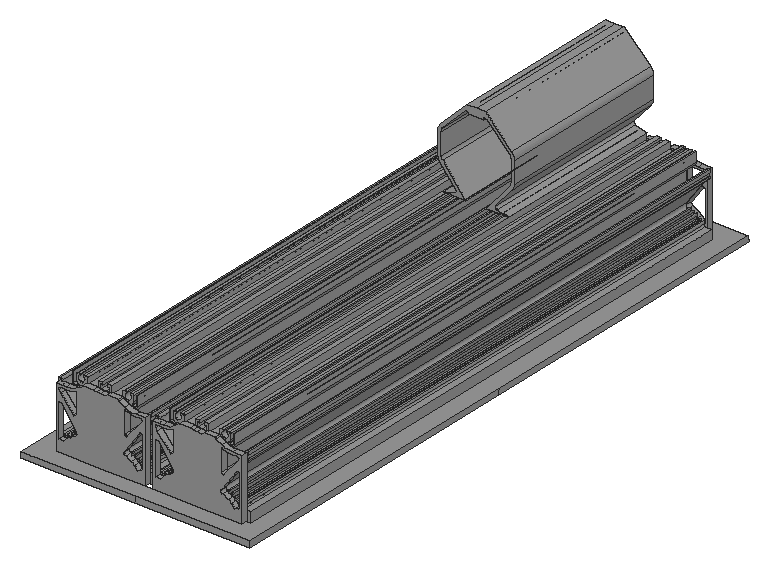
Revit family "L-street 48 Standart", category Осветительные приборы, Revit 2017 (continued)
Types (5, lengths in mm): name | built-in parameter 1150134 | Файл фотометрической сетки | built-in parameter 1150105 | Lumens | built-in parameter 1150106 | built-in parameter 1150142 | Wattage | built-in parameter 1150107 | Артикул
    8 420.2 423.6 427.4 431.9 437.2 443.6 450.4 458.6 467.8 478.1 488.9 500.4 512.6 525.2 538.3 550.5 561.4 569.2 573.5 573 566 550.8 523.8 483.7 426.3 358.3 287.2 226 175.3 132.2 89.9 55.3 36.1 25 16.8 13 11.4 10.1 9.1 8.4 7.8 7.2 6.8 6.3 5.8 5.4 5.1 4.8 4.6 4.1 3.2 2.8\r\n328.9 328.5 328.2 328.2 328.2 328.4 328.9 329.6 330.4 331.5 332.7 334 335.5 337.3 339.3 341.7 344.1 346.7 349.2 351.6 354.2 356.7 359.3 361.9 365 368.1 371.3 374.6 378.2 381.9 385.9 390.5 395.4 400.3 405.8 411.6 417.7 423.6 429 433.5 438.2 443.3 449.2 455.8 462.9 470.3 479 488.5 499.4 511.7 526 542.3 559.9 579.1 598.2 616.8 632.3 645.2 654.6 659.9 659.2 648.4 620.7 563.4 477.2 374.4 283.9 211.1 150.4 93 54.4 36.9 25.8 17.6 14 12.2 10.9 9.9 9.1 8.5 7.8 7.4 6.7 6.3 5.9 5.5 5.2 4.9 4.4 3.3 2.9\r\n328.9 328.5 328.3 328.3 328.5 328.8 329.3 330.1 331 332.2 333.4 334.8 336.4 338.2 340.3 342.5 344.9 347.4 350 352.6 355.1 357.6 360.2 362.9 365.9 368.9 372 375.3 378.8 382.5 386.5 391.1 396.3 401.6 407.5 413.8 420.8 427.5 433.8 439.1 444.6 450.3 457.4 465.6 474.8 485 496.5 508.6 522.2 536.9 552.8 569.8 587.4 606.2 625.2 644.8 662.4 678.1 690.6 700.2 705.2 700.9 677.7 619.9 527.1 411.5 307.8 226 157.1 93 55.9 38.9 27.5 18.9 14.9 13 11.6 10.5 9.8 9.1 8.4 7.9 7.2 6.7 6.2 5.8 5.5 5.2 4.6 3.4 2.9\r\n328.9 328.6 328.5 328.4 328.7 329.1 329.7 330.6 331.6 332.8 334.1 335.5 337.2 339.1 341.2 343.3 345.8 348.2 350.9 353.6 356.1 358.5 361.2 363.9 366.8 369.7 372.7 376 379.5 383.1 387.2 391.8 397.2 402.9 409.2 416.1 423.9 431.3 438.5 444.8 450.9 457.3 465.6 475.3 486.8 499.7 513.9 528.8 545.1 562 579.7 597.3 614.9 633.3 652.3 672.8 692.6 710.9 726.5 740.5 751.1 753.4 734.6 676.4 577.1 448.5 331.7 241 163.8 93.1 57.5 40.9 29.1 20.2 15.9 13.8 12.3 11.2 10.4 9.7 9 8.4 7.7 7.1 6.6 6.2 5.8 5.5 4.9 3.5 2.8\r\n328.9 328.6 328.5 328.6 328.9 329.3 330.1 331 332 333.3 334.7 336 337.9 339.8 342 344.3 347 349.4 352.1 355 357.6 360.1 362.8 365.6 368.5 371.5 374.5 377.7 381.2 384.8 388.9 393.5 398.8 404.6 411.1 418.5 426.6 434.3 441.8 448.1 454.5 461.5 470.8 481.7 494.7 509.3 525.6 543.2 562.8 583.2 605 627.4 649.8 673.3 697 721.2 744.1 764.1 778.2 783.6 777 755.4 714.5 642.8 541.4 421.1 315.5 229 151.8 86.9 55.2 38.9 27.8 20.1 16.2 14.2 12.6 11.6 10.7 10 9.3 8.6 8 7.4 6.8 6.4 6 5.7 5 3.6 2.9\r\n328.9 328.6 328.6 328.8 329.1 329.6 330.4 331.4 332.5 333.7 335.2 336.6 338.6 340.6 342.9 345.3 348.1 350.6 353.4 356.3 359 361.7 364.5 367.2 370.2 373.2 376.3 379.4 382.9 386.4 390.5 395.1 400.3 406.2 413.1 420.9 429.3 437.3 445 451.5 458 465.8 476 488.1 502.7 518.9 537.3 557.6 580.5 604.3 630.3 657.5 684.7 713.2 741.6 769.7 795.6 817.4 829.9 826.8 802.8 757.4 694.3 609.1 505.7 393.7 299.3 217 139.7 80.8 52.9 36.9 26.6 20 16.5 14.6 13 11.9 11.1 10.3 9.6 8.9 8.3 7.7 7.1 6.6 6.3 5.9 5.1 3.6 3\r\n328.9 328.7 328.8 328.9 329.3 330 330.8 331.9 333.1 334.4 336 337.6 339.6 341.7 344.2 346.7 349.5 352.1 355 357.9 360.7 363.5 366.4 369.2 372.3 375.3 378.4 381.5 385.1 388.8 393.1 397.8 403.2 409.1 416.2 424.2 432.7 440.8 448.6 454.7 460.9 468.4 478.4 490.1 504.2 519.7 537.4 557 579 602.2 627.4 653.9 680.8 709.8 739.9 771.3 801.5 829.4 850.7 859.9 847.5 808.1 741 643.7 528.7 412.9 318.2 234.4 150.2 84 54.9 37.9 27.2 20.8 17.3 15.2 13.5 12.4 11.5 10.7 10 9.3 8.6 7.9 7.3 6.9 6.5 6.1 5.3 3.8 3\r\n328.9 328.8 328.9 329 329.6 330.3 331.2 332.3 333.7 335.2 336.8 338.6 340.6 342.8 345.5 348.2 350.9 353.7 356.6 359.6 362.4 365.3 368.2 371.2 374.4 377.4 380.5 383.6 387.3 391.2 395.6 400.5 406 411.9 419.2 427.5 436 444.3 452.2 457.9 463.7 471 480.7 492.2 505.6 520.6 537.4 556.3 577.6 600 624.5 650.4 677 706.4 738.3 772.8 807.5 841.5 871.5 893.1 892.3 858.7 787.6 678.2 551.8 432 337.2 251.9 160.7 87.2 56.8 39 27.9 21.5 18 15.7 14.1 12.8 12 11.2 10.3 9.6 8.9 8.2 7.6 7.1 6.7 6.3 5.5 4 3.1\r\n328.9 329 329.5 330 330.7 331.9 333.2 334.6 336.2 338 339.8 341.8 344 346.5 349.2 352.1 354.9 357.8 360.7 363.6 366.4 369.2 372 374.9 377.8 380.7 383.9 387.3 391.1 395.4 400.3 405.6 411.7 418.6 427.2 436.3 444.8 452.4 459 464.7 471.7 481.1 492.7 506.6 522.4 540.2 559.7 581.7 605.8 631.5 658.1 685.9 714.5 745.8 778.3 812.3 846.4 879.2 904.3 916.2 905.6 859.1 774.4 661.5 532.7 402.1 293.1 196.3 120.8 68.8 45.8 31.7 22.8 18 15.4 13.6 12.3 11.3 10.5 9.8 9.1 8.5 7.9 7.3 6.9 6.5 6.1 5.5 4.3 3.3 2.9\r\n328.9 329.3 330.2 330.9 331.9 333.4 335.1 336.8 338.7 340.8 342.8 345 347.5 350.1 353 356 358.9 361.9 364.8 367.6 370.4 373.1 375.9 378.6 381.2 384 387.3 390.9 395 399.6 404.9 410.7 417.4 425.2 435.2 445.1 453.5 460.4 465.8 471.5 479.7 491.2 504.8 521 539.3 559.8 582 607.2 633.9 663 691.7 721.3 752.1 785.2 818.3 851.9 885.2 917 937 939.3 919 859.4 761.2 644.9 513.6 372.2 249 140.6 80.9 50.5 34.7 24.4 17.8 14.5 12.7 11.4 10.5 9.8 9.1 8.5 8 7.4 7 6.5 6.2 5.9 5.5 4.8 3.2 2.7 2.7\r\n328.9 329.4 330.2 331 332 333.4 335 336.7 338.6 340.6 342.6 344.7 347.1 349.6 352.4 355.2 358.1 360.9 363.6 366.2 368.8 371.4 374 376.6 379.2 382 385.3 388.8 392.6 397 402.2 407.8 414.4 421.9 431.2 440.5 448.4 454.9 460.4 466.2 474 484.8 497.7 513 530.2 549.4 569.9 593 617.3 643.5 669.5 695.9 722.8 751.4 780 808.5 835.6 860.9 877.7 881 869.3 832.1 763.8 664.3 532.5 377.6 247 136.9 77.5 48.8 34.8 24 17.1 14.1 12.4 11.1 10.2 9.6 8.9 8.3 7.8 7.2 6.8 6.3 6 5.7 5.4 4.7 3.1 2.7 2.7\r\n328.9 329.4 330.1 331 332.1 333.4 334.9 336.6 338.5 340.4 342.3 344.5 346.7 349.1 351.8 354.5 357.3 359.9 362.4 364.8 367.2 369.6 372.2 374.6 377.3 380.1 383.3 386.6 390.2 394.4 399.4 405 411.4 418.6 427.2 435.9 443.2 449.5 455 460.8 468.3 478.4 490.6 505 521.2 539.1 557.7 578.9 600.7 624.1 647.2 670.6 693.5 717.6 741.7 765.1 785.9 804.8 818.4 822.6 819.6 804.9 766.4 683.8 551.4 383.1 244.9 133.2 74 47.1 34.9 23.6 16.4 13.6 12.1 10.9 10 9.4 8.7 8.1 7.6 7 6.6 6.2 5.8 5.4 5.3 4.5 3 2.6 2.7\r\n328.9 329.4 330.2 331 332 333.3 334.7 336.2 338 339.7 341.5 343.5 345.5 347.8 350.3 353 355.7 358.2 360.7 363 365.4 367.8 370.3 372.8 375.5 378.3 381.5 384.8 388.6 392.8 397.6 403 409.3 416.1 424.2 432.5 439.5 445.4 450.6 455.9 462.5 471.1 481.3 493.2 506.3 520.8 536.2 553.5 571.6 591.3 611.2 631.8 652.8 675.7 698.9 722.2 742.8 761.3 775.1 781.3 780.2 768.4 735.8 659.6 539 387.4 258.5 153.6 86.2 51.2 36.2 25 17.1 13.6 12 10.8 9.8 9.2 8.5 8 7.4 6.9 6.5 6 5.7 5.4 5.1 4.5 3.1 2.7 2.7\r\n328.9 329.4 330.2 330.9 332 333.2 334.5 335.8 337.4 339.1 340.8 342.5 344.4 346.5 348.9 351.5 354.1 356.6 358.9 361.3 363.6 365.9 368.4 371 373.6 376.5 379.6 383.1 387 391.1 395.7 401 407.1 413.6 421.1 429 435.8 441.3 446.2 451 456.7 463.9 472 481.4 491.5 502.6 514.6 528.2 542.5 558.5 575.2 593 612 633.7 656.1 679.2 699.7 717.9 731.8 740 740.8 732 705.1 635.4 526.7 391.7 272.1 174 98.4 55.3 37.6 26.3 17.8 13.6 11.9 10.7 9.7 9 8.3 7.8 7.3 6.8 6.3 5.9 5.6 5.3 4.9 4.5 3.3 2.7 2.7\r\n328.9 329.5 330.3 331 332 333.1 334.2 335.5 337 338.5 340.1 341.6 343.4 345.3 347.5 350 352.5 354.9 357.3 359.6 361.8 364 366.3 368.6 371.2 373.8 376.8 380.1 383.8 387.6 392 396.7 402.2 408 414.6 421.4 427.4 432.1 436.2 439.9 444.1 449.8 456.5 464.2 472.4 481.7 492.1 504.3 517.4 532 547.1 562.9 578.6 594.9 610.3 625.2 636.8 644.4 646.8 642.2 628.3 601.4 558.5 487.4 398.1 300.5 218.4 153.5 97.9 57.3 37.8 25.4 16.7 12.7 11.3 10.1 9.1 8.4 7.8 7.3 6.8 6.4 5.9 5.5 5.2 4.9 4.6 4.3 3.2 2.7 2.7\r\n328.9 329.6 330.4 331 332 333 334 335.2 336.5 338 339.5 340.8 342.3 344.1 346.2 348.5 350.9 353.2 355.7 357.9 360.1 362.1 364.1 366.3 368.7 371.1 374 377.1 380.5 384.1 388.2 392.4 397.3 402.4 408 413.7 419 423 426.2 428.7 431.6 435.7 440.9 447 453.3 460.7 469.6 480.4 492.2 505.5 519.1 532.8 545.2 556 564.6 571.2 573.9 570.8 561.8 544.4 515.9 470.9 411.9 339.3 269.5 209.3 164.6 132.9 97.4 59.2 38 24.5 15.6 11.9 10.6 9.5 8.6 7.9 7.3 6.7 6.4 5.9 5.5 5.1 4.9 4.6 4.3 4 3 2.6 2.6\r\n328.9 329.6 330.3 330.9 331.7 332.6 333.5 334.6 335.8 337.1 338.4 339.6 341 342.5 344.5 346.6 348.8 351.1 353.5 355.6 357.6 359.4 361.2 363.2 365.5 367.9 370.6 373.6 377 380.4 384 387.7 391.8 395.9 400.4 404.8 409 412.2 414.8 416.7 419.1 422.5 426.9 432.4 438.2 444.8 451.8 459.6 467.6 476.2 484.4 492.1 497.8 501.1 501.5 498.2 489.1 471.8 446.9 414.5 377.6 335.3 291 243.7 199.4 161.3 132.5 111.4 88.8 60 38.2 24.5 15.5 11.5 10.1 9.1 8.1 7.4 6.8 6.3 5.9 5.6 5.2 4.8 4.5 4.3 4.1 3.8 3 2.6 2.6\r\n328.9 329.6 330.2 330.8 331.5 332.2 333 334 335.1 336.2 337.4 338.4 339.6 341 342.7 344.6 346.8 349 351.2 353.2 355.2 356.8 358.4 360.1 362.3 364.7 367.2 370.2 373.4 376.6 379.9 382.9 386.3 389.4 392.8 395.9 399 401.5 403.4 404.8 406.6 409.3 413 417.7 423.2 428.9 434.1 438.8 443 446.9 449.6 451.3 450.4 446.3 438.5 425.2 404.4 372.8 332.1 284.5 239.3 199.8 170 148 129.3 113.3 100.4 90 80.2 60.7 38.4 24.6 15.5 11.1 9.6 8.7 7.7 6.9 6.3 5.9 5.5 5.2 4.9 4.5 4.2 4 3.8 3.6 2.9 2.7 2.6\r\n328.9 329.6 330.1 330.7 331.3 331.9 332.7 333.7 334.6 335.6 336.6 337.5 338.6 339.9 341.4 343.2 345.2 347.2 349.1 350.9 352.7 354.2 355.8 357.6 359.7 362.1 364.5 367.1 369.7 372.2 374.7 377.2 379.9 382.5 385.1 387.6 390 392.2 394 395.5 397.2 398.9 400.9 403.2 405.8 408.1 409.5 410 409.2 407 401.9 393.5 379.6 360.7 338.2 313.8 287.4 259.5 230.5 200.1 171.3 146.3 126.5 111.3 98.3 88 80.3 73.6 62.6 45.5 29.8 19.7 12.9 9.9 8.7 7.8 6.9 6.3 5.7 5.3 5 4.7 4.4 4.1 3.8 3.6 3.4 3.1 2.7 2.6 2.5\r\n328.9 329.6 330 330.5 331 331.7 332.4 333.3 334.1 335 335.7 336.6 337.5 338.9 340.2 341.7 343.6 345.5 347 348.7 350.2 351.6 353.2 355.1 357.2 359.5 361.8 364 366 367.9 369.5 371.4 373.5 375.5 377.4 379.4 381.1 382.8 384.6 386.2 387.8 388.6 388.8 388.6 388.5 387.4 384.9 381.1 375.4 367.2 354.2 335.6 308.8 275.2 237.8 202.4 170.4 146.1 128.9 115.6 103.3 92.8 83 74.7 67.3 62.7 60.1 57.1 45.1 30.4 21.1 14.9 10.4 8.8 7.8 6.9 6.2 5.6 5.1 4.8 4.5 4.1 3.9 3.7 3.5 3.3 3.1 2.7 2.5 2.5 2.5\r\n328.9 329.5 329.8 330.3 330.6 331.2 331.7 332.4 333 333.7 334.2 334.8 335.4 336.4 337.3 338.6 340.1 341.7 343.1 344.6 346.1 347.4 348.8 350.3 352 353.8 355.5 357.1 358.6 360 361.2 362.3 363.6 365 366.4 368.1 369.5 370.4 370.9 370.8 370.5 369.4 367.5 364.9 361.4 356.8 349.7 339.5 325 306.7 283.4 257 228.1 199.7 172.9 149.4 128.6 112.2 99.6 89.2 79.7 71.9 64.6 58.5 52.9 49.3 46.4 42.2 33.6 24.5 18.4 13.7 10.1 8.5 7.6 6.7 6 5.3 4.8 4.5 4.3 3.9 3.7 3.5 3.3 3.1 3 2.6 2.4 2.4 2.4\r\n328.9 329.4 329.7 330 330.2 330.6 331 331.5 332 332.4 332.7 332.9 333.3 333.9 334.5 335.5 336.6 337.9 339.3 340.6 341.9 343.2 344.4 345.6 346.8 348.1 349.2 350.3 351.3 352.1 352.9 353.2 353.7 354.4 355.4 356.8 357.8 358 357.2 355.5 353.3 350.3 346.3 341.1 334.4 326.1 314.5 297.9 274.7 246.3 212.5 178.4 147.3 124.1 108 96.4 86.8 78.2 70.2 62.8 56.2 50.9 46.3 42.4 38.6 35.9 32.7 27.2 22.1 18.6 15.6 12.5 9.8 8.3 7.4 6.5 5.8 5.1 4.6 4.2 4.1 3.8 3.5 3.4 3.2 3 2.9 2.5 2.3 2.4 2.4\r\n328.9 329.4 329.6 329.8 330 330.2 330.4 330.7 330.9 331.1 331.2 331.3 331.4 331.6 332 332.8 333.6 334.8 335.8 337 338 339 339.9 340.7 341.5 342.3 343 343.7 344.2 344.5 344.8 344.9 345.1 345.2 345.2 345.4 345.1 344 342.1 339.1 334.9 329.9 323.6 315.4 304.1 289.5 270.1 246.3 218.3 189.8 161.8 137.2 116 100.1 88.3 79.2 71.4 64.3 57.9 52.2 47.2 43.1 39.5 36.3 33 30.2 27.2 23.3 19.6 16.9 14.4 11.8 9.5 8.3 7.4 6.6 5.8 5.1 4.5 4.1 3.9 3.6 3.4 3.3 3.1 2.9 2.8 2.5 2.3 2.3 2.4\r\n328.9 329.4 329.6 329.7 329.7 329.7 329.8 329.9 329.9 329.9 329.8 329.7 329.4 329.3 329.6 330 330.6 331.6 332.4 333.3 334.1 334.8 335.4 335.7 336.1 336.4 336.8 337 337.1 336.9 336.8 336.5 336.5 336.1 335 333.9 332.3 330.1 327 322.6 316.6 309.6 301 289.7 273.8 252.8 225.7 194.7 161.9 133.3 111 96 84.7 76.1 68.6 62 56 50.4 45.5 41.6 38.2 35.3 32.8 30.2 27.3 24.4 21.7 19.4 17.2 15.2 13.1 11 9.3 8.2 7.4 6.7 5.8 5.1 4.4 3.9 3.8 3.5 3.4 3.2 3 2.9 2.8 2.5 2.2 2.3 2.4\r\n328.9 329.3 329.4 329.4 329.3 329.2 329 328.9 328.7 328.5 328.2 327.9 327.5 327.2 327.2 327.5 327.9 328.5 329.1 329.6 330 330.3 330.4 330.6 330.7 330.8 330.8 330.7 330.4 330 329.4 328.5 327.5 326 324.1 321.7 318.8 314.9 310.1 304 296 286 272.6 255.5 233.2 207 178.6 151.5 126.8 106.9 91.5 80.4 71.6 64.3 58 52.5 47.6 43.4 39.8 36.8 34.2 31.8 29.5 27.1 24.8 22.5 20.3 18.4 16.5 14.8 13.1 11.5 9.9 8.6 7.6 6.8 6 5.3 4.5 4 3.7 3.5 3.3 3.1 2.9 2.8 2.7 2.5 2.2 2.2 2.3\r\n328.9 329.3 329.2 329.1 328.8 328.6 328.2 328 327.6 327.1 326.6 326.1 325.5 325.2 324.9 325 325.1 325.4 325.7 325.8 325.9 325.7 325.4 325.4 325.3 325.2 324.8 324.4 323.8 323 322.1 320.5 318.5 316 313.1 309.5 305.4 299.8 293.2 285.4 275.5 262.4 244.2 221.4 192.6 161.2 131.4 108.3 91.8 80.6 72 64.9 58.4 52.6 47.4 43 39.3 36.3 34 32.1 30.3 28.3 26.1 24.1 22.3 20.7 18.9 17.3 15.8 14.4 13.1 11.9 10.5 8.9 7.8 7 6.2 5.5 4.7 4 3.6 3.4 3.2 3.1 2.9 2.7 2.6 2.4 2.3 2.1 2.2\r\n328.9 329.2 329.1 328.9 328.5 328.1 327.6 327.1 326.5 325.8 325 324.2 323.5 322.9 322.5 322.3 322.2 322.1 322 321.7 321.1 320.5 319.8 319.4 319 318.6 318.3 318 317.4 316.3 314.8 312.5 309.6 306 301.6 296.4 290.5 283 273.9 262.7 247.9 229.2 205.3 179.3 152 127.2 106.1 90 78 69.4 62.5 56.6 51.2 46.4 42.2 38.8 35.9 33.6 31.7 29.9 28.2 26.4 24.5 22.9 21.5 20.1 18.6 17.3 16.1 14.8 13.7 12.7 11.6 10.2 8.7 7.5 6.6 5.9 5 4.3 3.7 3.4 3.2 3 2.9 2.7 2.6 2.4 2.2 2.1 2.2\r\n328.9 329.2 329 328.7 328.2 327.6 326.9 326.2 325.4 324.4 323.3 322.2 321.4 320.7 320.1 319.6 319.2 318.9 318.4 317.5 316.4 315.2 314.1 313.3 312.6 312.1 311.8 311.6 311 309.7 307.4 304.5 300.7 295.9 290.2 283.3 275.6 266.1 254.6 240 220.4 195.9 166.4 137.2 111.4 93.3 80.7 71.7 64.3 58.2 53 48.3 43.9 40.2 37.1 34.6 32.6 31 29.4 27.8 26.1 24.4 22.9 21.8 20.7 19.5 18.4 17.3 16.4 15.3 14.4 13.5 12.7 11.5 9.6 8 7 6.2 5.3 4.5 3.8 3.4 3.1 2.9 2.9 2.7 2.6 2.4 2.2 2.1 2.1\r\n328.9 329.1 328.9 328.5 327.9 327.2 326.4 325.6 324.6 323.3 322 320.8 319.8 318.9 318.2 317.5 316.8 316.1 315.1 313.9 312.4 310.9 309.5 308.4 307.3 306.4 305.9 305.3 304.4 302.7 300.3 297.2 293.3 288 281.6 274 265.3 254.3 240.7 223.1 200.5 173.9 145 119.4 98.6 84.1 73.5 65.7 59.1 54 49.5 45.3 41.5 38.2 35.5 33.3 31.4 29.8 28.2 26.6 25.1 23.6 22.2 21.1 20.2 19.3 18.5 17.7 16.9 16 15.1 14.3 13.5 12.5 11.1 9.6 7.9 6.6 5.7 4.9 4.1 3.5 3.2 2.9 2.8 2.7 2.6 2.4 2.2 2.1 2.1\r\n328.9 329.1 328.8 328.3 327.6 326.8 325.8 324.9 323.7 322.1 320.6 319.3 318.2 317 316.2 315.3 314.4 313.3 311.9 310.3 308.3 306.6 305 303.4 302 300.8 300 299.1 297.7 295.7 293.1 289.8 285.8 280.1 273 264.6 254.9 242.5 226.9 206.2 180.6 151.8 123.5 101.5 85.7 74.9 66.3 59.6 54 49.7 45.9 42.3 39 36.3 34 31.9 30.2 28.6 27 25.5 24.1 22.7 21.5 20.5 19.7 19.1 18.6 18 17.3 16.6 15.8 15 14.3 13.4 12.5 11.1 8.7 7.1 6.1 5.3 4.4 3.5 3.2 2.9 2.8 2.7 2.6 2.4 2.2 2.1 2\r\n328.9 329 328.7 328.1 327.3 326.4 325.3 324.1 322.7 320.9 319.1 317.6 316.3 315.1 313.9 312.8 311.5 309.9 307.9 305.7 303.5 301.4 299.5 297.5 295.7 294.2 292.6 290.6 288.1 285 281.6 277.4 272.1 265.3 257.3 247.5 235.5 219.7 200.5 176.6 150.6 125.6 104.1 88.2 76.4 67.6 60.4 54.7 50.1 46.5 43.3 40.4 37.5 35.2 33 31.1 29.4 28 26.4 25 23.6 22.4 21.1 20.3 19.8 19.2 18.7 18 17.3 16.6 15.9 15.5 15 14.4 13.9 12.8 11 9.1 7.1 5.8 4.8 3.9 3.3 3 2.8 2.7 2.6 2.4 2.2 2 2\r\n328.9 328.9 328.5 327.8 327 326 324.7 323.4 321.7 319.7 317.6 315.9 314.5 313.1 311.6 310.2 308.6 306.4 303.9 301.2 298.6 296.2 294 291.5 289.5 287.6 285.2 282.1 278.4 274.4 270.2 265 258.4 250.5 241.6 230.5 216 196.9 174.1 147 120.5 99.5 84.7 74.9 67 60.3 54.4 49.8 46.1 43.3 40.8 38.5 36.1 34 32 30.2 28.6 27.3 25.9 24.5 23.1 22 20.8 20.1 19.8 19.3 18.8 18 17.2 16.6 16.1 15.9 15.7 15.4 15.2 14.6 13.2 11.1 8.1 6.3 5.2 4.2 3.4 3 2.8 2.7 2.6 2.4 2.2 1.9 2\r\n328.9 328.9 328.5 327.7 326.8 325.6 324.3 322.8 320.9 318.7 316.5 314.6 312.9 311.3 309.7 307.9 305.7 303.1 300.1 297.1 294.1 291.4 288.9 286.5 284.2 281.7 278.6 274.9 270.7 266.1 260.9 254.6 247 238.2 228 214.8 198.1 176.2 151.4 125.6 103.6 87.8 76.3 68 61 55.2 50.3 46.6 43.7 41.5 39.4 37.3 35.1 33.1 31.3 29.7 28.2 27.1 25.8 24.6 23.2 22.1 21 20.3 19.9 19.4 19 18.3 17.7 17.1 16.5 16.2 16.1 15.8 15.4 14.6 13.5 11.9 9.7 7.9 5.9 4.6 3.8 3.2 2.8 2.7 2.5 2.4 2.2 2 2\r\n328.9 328.9 328.4 327.6 326.6 325.3 323.9 322.1 320.2 317.7 315.5 313.3 311.3 309.6 307.8 305.5 302.9 299.7 296.3 292.9 289.7 286.5 283.8 281.4 278.9 275.8 272.1 267.7 263 257.7 251.6 244.2 235.6 225.9 214.3 199.1 180.2 155.6 128.7 104.2 86.8 76 67.9 61.1 55 50 46.2 43.4 41.2 39.6 38 36.2 34.2 32.2 30.6 29.2 27.9 2
    6.8 25.7 24.6 23.4 22.3 21.2 20.5 20 19.6 19.2 18.7 18.2 17.5 16.9 16.6 16.6 16.2 15.6 14.7 13.8 12.6 11.3 9.5 6.7 5 4.1 3.3 2.9 2.6 2.5 2.3 2.1 2 2\r\n328.9 328.9 328.4 327.5 326.4 325.1 323.6 321.7 319.6 317.1 314.7 312.3 310.2 308.2 306.1 303.5 300.4 296.8 293 289.3 285.8 282.4 279.6 276.9 274.1 270.5 266.3 261.4 256.2 250.1 243.2 235.1 226 215.2 202.2 185.4 164.9 140.2 115.8 95.1 80.7 71.6 64.3 57.9 52.3 47.8 44.6 42.2 40.4 39 37.5 35.7 33.8 31.9 30.4 29.1 27.9 26.8 25.6 24.5 23.5 22.5 21.6 20.9 20.4 20 19.7 19.3 18.7 17.9 17.1 16.4 16.1 15.7 15.1 14.4 13.4 12 10.7 9.2 7.3 5.8 4.5 3.6 3 2.7 2.4 2.3 2.1 2 2\r\n328.9 328.9 328.4 327.4 326.2 324.9 323.3 321.3 319 316.4 313.9 311.3 309 306.8 304.4 301.5 297.9 293.8 289.8 285.7 281.9 278.3 275.3 272.4 269.3 265.2 260.5 255.1 249.3 242.6 234.8 226.1 216.3 204.5 190.1 171.6 149.6 124.8 102.9 85.9 74.6 67.1 60.6 54.8 49.6 45.7 42.9 41 39.6 38.4 37 35.3 33.4 31.7 30.2 29 27.9 26.8 25.5 24.4 23.6 22.6 21.9 21.3 20.7 20.4 20.3 20 19.3 18.3 17.3 16.3 15.6 15.2 14.6 14 13 11.4 10.1 9 8 6.6 5 3.8 3.1 2.7 2.4 2.3 2.1 1.9 1.9\r\n328.9 328.9 328.2 327.1 325.9 324.5 322.8 320.6 318.3 315.7 313.1 310.5 308 305.6 302.9 299.6 295.7 291.3 287 282.6 278.7 275.2 272.2 269.1 265.7 261.3 256.3 250.5 244.3 237 228.7 219.3 208.6 195.5 179.4 159.1 136 112.5 93.6 79.8 70.4 63.7 57.4 51.9 47.3 44.1 41.9 40.3 39 37.9 36.5 34.9 33.1 31.6 30.2 28.9 27.6 26.4 25.3 24.4 23.6 23 22.6 22.3 22.1 21.9 21.5 20.7 19.8 18.7 17.6 16.5 15.6 14.8 13.9 13.2 12.1 10.9 9.8 8.8 7.7 6.5 5.2 4 3.1 2.7 2.4 2.3 2.1 1.9 1.9\r\n328.9 328.8 328 326.8 325.5 324.1 322.3 320 317.6 314.9 312.2 309.6 307 304.3 301.4 297.6 293.5 288.8 284.2 279.5 275.5 272 269 265.9 262 257.3 252 245.8 239.2 231.4 222.7 212.6 201 186.6 168.7 146.5 122.3 100.1 84.4 73.6 66.3 60.4 54.3 48.9 44.9 42.4 40.8 39.5 38.4 37.3 35.9 34.5 32.8 31.5 30.3 28.7 27.3 26.1 25.2 24.3 23.7 23.4 23.2 23.4 23.4 23.3 22.6 21.5 20.3 19.1 17.8 16.7 15.6 14.4 13.2 12.3 11.3 10.5 9.6 8.6 7.5 6.4 5.4 4.1 3.2 2.6 2.4 2.2 2.1 1.9 1.9\r\n328.9 328.8 328 326.8 325.6 324 322.1 319.8 317.3 314.6 311.8 309.2 306.4 303.5 300.2 296.1 291.6 286.6 281.7 276.8 272.7 269.1 266.1 262.7 258.6 253.5 248 241.7 234.8 226.8 217.9 207.5 195.5 180.5 162.1 139.5 116 95.4 81.2 71.4 64.5 58.7 52.6 47.6 44.1 42 40.5 39.4 38.3 37.2 35.9 34.6 33.2 31.7 30.3 28.8 27.5 26.4 25.5 24.9 24.6 24.5 24.4 24.3 24.2 23.9 23.2 22.2 20.9 19.6 18.3 17.1 15.9 14.7 13.7 12.8 11.8 10.8 9.9 8.8 7.8 6.7 5.7 4.6 3.5 2.8 2.5 2.2 2.1 1.9 1.9\r\n328.9 328.8 328 326.8 325.6 323.9 321.9 319.6 317 314.2 311.4 308.7 305.8 302.6 299 294.5 289.6 284.3 279.2 274.1 269.9 266.3 263.1 259.5 255.2 249.8 244 237.6 230.5 222.2 213.2 202.5 190.1 174.5 155.5 132.5 109.6 90.7 78 69.1 62.8 57 50.9 46.2 43.3 41.5 40.3 39.3 38.3 37.1 36 34.8 33.6 31.9 30.3 28.9 27.7 26.6 25.9 25.5 25.4 25.6 25.5 25.2 24.9 24.4 23.8 22.8 21.6 20.2 18.7 17.4 16.1 15 14.1 13.3 12.3 11.2 10.2 9 8 6.9 6 5.1 3.8 3 2.5 2.2 2.1 1.9 1.9\r\n328.9 328.9 328.2 327.1 325.7 324 322.1 319.8 317.3 314.4 311.6 308.9 305.9 302.7 299 294.5 289.5 284.1 278.8 273.5 269 265.2 261.9 258.1 253.6 248.1 242.1 235.5 228.2 219.8 210.5 199.7 186.9 170.9 151.6 128.7 106.5 88.7 77 68.5 62.4 56.6 50.7 46.1 43.2 41.6 40.4 39.5 38.4 37.3 36.1 35 33.7 32 30.4 29 27.9 27 26.4 26.2 26.3 26.2 25.7 25.3 24.9 24.5 23.9 23 21.7 20.3 18.8 17.4 16.1 15.1 14.2 13.3 12.2 11.2 10.1 8.9 7.8 6.6 5.5 4.6 3.7 3 2.6 2.2 2.1 1.9 1.9\r\n328.9 328.9 328.4 327.3 325.8 324.1 322.3 320 317.5 314.7 311.9 309.1 306.1 302.8 299 294.4 289.4 283.8 278.3 272.9 268.2 264.1 260.6 256.7 252 246.4 240.3 233.4 226 217.4 207.9 196.8 183.7 167.4 147.8 124.9 103.3 86.7 75.9 67.9 62 56.3 50.4 46 43.1 41.6 40.5 39.7 38.5 37.5 36.3 35.3 33.8 32.1 30.5 29.2 28.1 27.3 26.9 27 27.1 26.8 26 25.4 25 24.6 24 23.1 21.9 20.4 18.9 17.3 16.1 15.2 14.2 13.2 12.2 11.1 9.9 8.8 7.7 6.3 5 4.1 3.5 3 2.6 2.3 2.1 1.9 1.9\r\n328.9 328.8 328 326.9 325.4 323.7 321.8 319.4 316.9 314 311.2 308.4 305.4 302 298.2 293.5 288.4 282.7 277.2 271.7 267 263.1 259.6 255.6 250.7 244.9 238.7 231.9 224.4 215.9 206.4 195.2 181.8 165.1 144.9 121.7 100.3 84.5 74.4 66.8 61 55.1 49.4 45.3 42.7 41.4 40.3 39.4 38.3 37.2 36.1 35 33.4 31.6 30.1 28.9 27.8 27.2 27 27.1 27.1 26.6 25.8 25.2 24.9 24.6 23.9 23 21.8 20.3 18.7 17.2 15.9 14.9 14 13.1 12 11 9.7 8.5 7.3 6.1 4.7 4 3.4 2.9 2.5 2.2 2.1 2 1.9\r\n328.9 328.6 327.7 326.6 325.1 323.3 321.3 318.9 316.3 313.4 310.6 307.8 304.7 301.3 297.4 292.6 287.4 281.7 276 270.5 265.9 262.1 258.5 254.5 249.5 243.5 237.2 230.3 222.8 214.3 204.9 193.6 179.9 162.7 142.1 118.4 97.2 82.4 73 65.8 59.9 54 48.4 44.5 42.3 41.1 40.1 39.2 38 36.9 35.9 34.7 32.9 31.1 29.8 28.5 27.6 27.1 27.1 27.3 27 26.5 25.6 25 24.8 24.6 23.9 23 21.7 20.2 18.5 17.1 15.8 14.7 13.9 12.9 11.8 10.8 9.4 8.2 7 5.8 4.5 3.9 3.2 2.8 2.4 2.2 2 2 1.9\r\n" | 57.3037 W | 4000 (stored number, unit not read) | "412107623741500"
